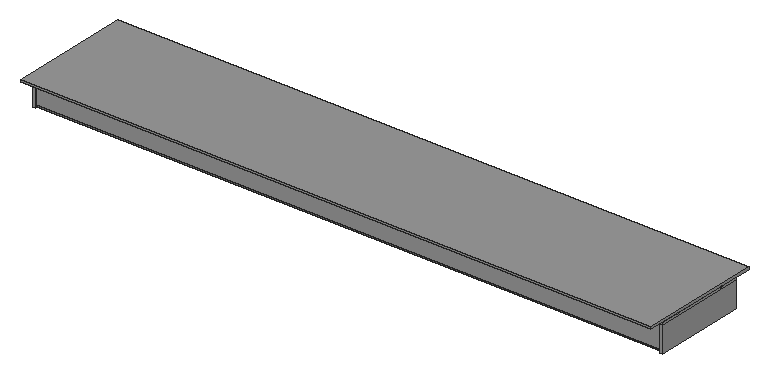
Revit family "Berica 2.2 M", category Lighting Fixtures, Revit 2020 (continued)
Definition of nested family "Light Source Berica 2.2"
  Types (4, lengths in mm): name | Photometric Web File | built-in parameter 1150142
    K 57°x90° | "BERICA 2.2 K 57°x90° [3000K 54W 230Vac].IES" | "IESNA:LM-63-2002\r\n[TEST] 20201109-1027\r\n[TESTLAB] L&L\r\n[TESTDATE] 9 Nov 2020\r\n[ISSUEDATE] 9 Nov 2020\r\n[MANUFAC] L&L\r\n[LUMCAT] BERICA 2.2 K 57°x90° [3000K 54W 230Vac]\r\n[LUMINAIRE] BERICA 2.2 K 57°x90° [3000K 54W 230Vac]\r\n[FLASHAREA] 0.002806\r\n[LAMPCAT] Midpower LED\r\n[LAMP] Midpower LED\r\nTILT=NONE\r\n128 39.44 1.0 181 73 1 2 0.020 0.580 0.000\r\n1.00 1.00 54.00\r\n0.00 1.00 2.00 3.00 4.00 5.00 6.00 7.00 8.00 9.00 10.00 \r\n11.00 12.00 13.00 14.00 15.00 16.00 17.00 18.00 19.00 \r\n20.00 21.00 22.00 23.00 24.00 25.00 26.00 27.00 28.00 \r\n29.00 30.00 31.00 32.00 33.00 34.00 35.00 36.00 37.00 \r\n38.00 39.00 40.00 41.00 42.00 43.00 44.00 45.00 46.00 \r\n47.00 48.00 49.00 50.00 51.00 52.00 53.00 54.00 55.00 \r\n56.00 57.00 58.00 59.00 60.00 61.00 62.00 63.00 64.00 \r\n65.00 66.00 67.00 68.00 69.00 70.00 71.00 72.00 73.00 \r\n74.00 75.00 76.00 77.00 78.00 79.00 80.00 81.00 82.00 \r\n83.00 84.00 85.00 86.00 87.00 88.00 89.00 90.00 91.00 \r\n92.00 93.00 94.00 95.00 96.00 97.00 98.00 99.00 100.00 \r\n101.00 102.00 103.00 104.00 105.00 106.00 107.00 108.00 \r\n109.00 110.00 111.00 112.00 113.00 114.00 115.00 116.00 \r\n117.00 118.00 119.00 120.00 121.00 122.00 123.00 124.00 \r\n125.00 126.00 127.00 128.00 129.00 130.00 131.00 132.00 \r\n133.00 134.00 135.00 136.00 137.00 138.00 139.00 140.00 \r\n141.00 142.00 143.00 144.00 145.00 146.00 147.00 148.00 \r\n149.00 150.00 151.00 152.00 153.00 154.00 155.00 156.00 \r\n157.00 158.00 159.00 160.00 161.00 162.00 163.00 164.00 \r\n165.00 166.00 167.00 168.00 169.00 170.00 171.00 172.00 \r\n173.00 174.00 175.00 176.00 177.00 178.00 179.00 180.00 \r\n0.00 5.00 10.00 15.00 20.00 25.00 30.00 35.00 40.00 45.00 \r\n50.00 55.00 60.00 65.00 70.00 75.00 80.00 85.00 90.00 \r\n95.00 100.00 105.00 110.00 115.00 120.00 125.00 130.00 \r\n135.00 140.00 145.00 150.00 155.00 160.00 165.00 170.00 \r\n175.00 180.00 185.00 190.00 195.00 200.00 205.00 210.00 \r\n215.00 220.00 225.00 230.00 235.00 240.00 245.00 250.00 \r\n255.00 260.00 265.00 270.00 275.00 280.00 285.00 290.00 \r\n295.00 300.00 305.00 310.00 315.00 320.00 325.00 330.00 \r\n335.00 340.00 345.00 350.00 355.00 360.00 \r\n1523.51 1523.19 1522.77 1521.49 1519.62 1517.29 1514.87 \r\n1511.65 1508.05 1503.46 1498.34 1492.92 1486.39 1477.09 \r\n1470.39 1461.43 1451.62 1441.65 1430.34 1419.20 1405.78 \r\n1393.20 1378.66 1362.46 1346.64 1328.29 1308.82 1289.74 \r\n1266.84 1244.95 1223.30 1196.55 1171.40 1142.56 1112.74 \r\n1082.27 1052.18 1020.02 989.56 954.18 922.20 885.89 \r\n853.23 818.00 783.25 749.71 716.58 683.29 652.18 622.21 \r\n589.72 560.44 531.01 504.93 476.91 453.06 428.58 406.90 \r\n384.01 363.68 344.09 325.60 308.17 290.97 274.56 259.50 \r\n245.18 230.72 217.49 204.64 191.84 179.44 167.86 157.07 \r\n145.31 134.53 123.67 113.25 102.68 92.69 82.56 73.56 \r\n63.65 53.93 44.62 35.34 26.13 17.34 10.01 4.34 2.33 4.34 \r\n10.01 17.34 26.13 35.34 44.62 53.93 63.65 73.56 82.56 \r\n92.69 102.68 113.25 123.67 134.53 145.31 157.07 167.86 \r\n179.44 191.84 204.64 217.49 230.72 245.18 259.50 274.56 \r\n290.97 308.17 325.60 344.09 363.68 384.01 406.90 428.58 \r\n453.06 476.91 504.93 531.01 560.44 589.72 622.21 652.18 \r\n683.29 716.58 749.71 783.25 818.00 853.23 885.89 922.20 \r\n954.18 989.56 1020.02 1052.18 1082.27 1112.74 1142.56 \r\n1171.40 1196.55 1223.30 1244.95 1266.84 1289.74 1308.82 \r\n1328.29 1346.64 1362.46 1378.66 1393.20 1405.78 1419.20 \r\n1430.34 1441.65 1451.62 1461.43 1470.39 1477.09 1486.39 \r\n1492.92 1498.34 1503.46 1508.05 1511.65 1514.87 1517.29 \r\n1519.62 1521.49 1522.77 1523.19 1523.51 \r\n1523.51 1523.65 1522.45 1521.49 1520.63 1518.60 1516.48 \r\n1513.22 1509.50 1505.49 1500.59 1494.89 1487.79 1481.10 \r\n1473.12 1464.12 1454.74 1444.08 1433.64 1420.96 1408.77 \r\n1395.01 1380.79 1365.31 1348.97 1330.17 1311.42 1291.31 \r\n1270.40 1246.84 1223.22 1198.06 1171.30 1144.95 1114.68 \r\n1083.76 1053.51 1022.12 989.50 957.86 922.67 890.86 \r\n854.95 821.31 786.60 753.45 721.38 689.78 657.66 627.26 \r\n597.56 568.38 540.24 513.46 487.83 463.02 438.91 417.88 \r\n396.20 375.48 357.24 337.87 320.95 305.41 288.34 274.40 \r\n260.27 246.70 233.44 220.40 208.98 197.32 185.17 174.62 \r\n163.57 152.58 142.59 131.12 121.35 111.29 100.47 90.84 \r\n81.02 71.19 61.07 50.61 41.75 32.61 23.72 17.62 15.46 \r\n17.62 23.72 32.61 41.75 50.61 61.07 71.19 81.02 90.84 \r\n100.47 111.29 121.35 131.12 142.59 152.58 163.57 174.62 \r\n185.17 197.32 208.98 220.40 233.44 246.70 260.27 274.40 \r\n288.34 305.41 320.95 337.87 357.24 375.48 396.20 417.88 \r\n438.91 463.02 487.83 513.46 540.24 568.38 597.56 627.26 \r\n657.66 689.78 721.38 753.45 786.60 821.31 854.95 890.86 \r\n922.67 957.86 989.50 1022.12 1053.51 1083.76 1114.68 \r\n1144.95 1171.30 1198.06 1223.22 1246.84 1270.40 1291.31 \r\n1311.42 1330.17 1348.97 1365.31 1380.79 1395.01 1408.77 \r\n1420.96 1433.64 1444.08 1454.74 1464.12 1473.12 1481.10 \r\n1487.79 1494.89 1500.59 1505.49 1509.50 1513.22 1516.48 \r\n1518.60 1520.63 1521.49 1522.45 1523.65 1523.51 \r\n1523.51 1524.39 1523.99 1522.86 1521.97 1519.66 1517.27 \r\n1514.68 1510.02 1505.43 1500.13 1493.60 1486.98 1478.56 \r\n1469.81 1460.68 1450.36 1439.46 1426.89 1413.71 1399.78 \r\n1384.90 1369.28 1352.04 1334.58 1316.50 1295.42 1273.88 \r\n1252.63 1228.68 1204.39 1177.64 1152.01 1124.12 1093.96 \r\n1062.23 1033.14 1002.27 969.59 938.57 906.15 872.07 \r\n838.76 806.83 773.58 743.06 710.97 681.98 649.93 621.65 \r\n593.77 565.38 539.15 513.02 488.75 465.90 444.25 421.96 \r\n403.69 383.23 365.81 348.18 331.44 315.70 301.70 286.85 \r\n274.64 260.72 248.47 236.15 225.33 214.16 202.52 192.46 \r\n181.74 171.18 160.65 151.48 140.22 130.53 120.43 110.79 \r\n100.80 91.15 81.58 72.03 61.93 53.28 44.64 38.21 36.42 \r\n38.21 44.64 53.28 61.93 72.03 81.58 91.15 100.80 110.79 \r\n120.43 130.53 140.22 151.48 160.65 171.18 181.74 192.46 \r\n202.52 214.16 225.33 236.15 248.47 260.72 274.64 286.85 \r\n301.70 315.70 331.44 348.18 365.81 383.23 403.69 421.96 \r\n444.25 465.90 488.75 513.02 539.15 565.38 593.77 621.65 \r\n649.93 681.98 710.97 743.06 773.58 806.83 838.76 872.07 \r\n906.15 938.57 969.59 1002.27 1033.14 1062.23 1093.96 \r\n1124.12 1152.01 1177.64 1204.39 1228.68 1252.63 1273.88 \r\n1295.42 1316.50 1334.58 1352.04 1369.28 1384.90 1399.78 \r\n1413.71 1426.89 1439.46 1450.36 1460.68 1469.81 1478.56 \r\n1486.98 1493.60 1500.13 1505.43 1510.02 1514.68 1517.27 \r\n1519.66 1521.97 1522.86 1523.99 1524.39 1523.51 \r\n1523.51 1524.79 1524.15 1523.44 1522.00 1520.10 1516.80 \r\n1513.01 1508.62 1502.71 1496.41 1489.44 1481.91 1473.16 \r\n1462.24 1451.18 1439.28 1426.54 1412.80 1398.89 1381.81 \r\n1365.43 1347.64 1329.19 1310.36 1289.05 1266.98 1244.71 \r\n1218.90 1195.89 1169.60 1142.63 1115.28 1085.04 1055.62 \r\n1024.26 994.77 963.00 930.96 899.00 869.34 835.51 805.70 \r\n775.65 744.16 713.38 683.59 656.83 629.80 601.02 576.41 \r\n551.72 526.08 504.67 481.17 461.05 439.75 420.89 402.04 \r\n385.41 367.76 353.32 338.47 323.21 309.33 296.55 284.17 \r\n272.31 260.71 249.07 238.33 227.03 217.46 206.09 197.09 \r\n186.99 176.90 166.93 157.44 148.32 138.44 129.29 120.51 \r\n111.83 102.13 94.12 85.10 76.63 68.34 62.72 60.97 62.72 \r\n68.34 76.63 85.10 94.12 102.13 111.83 120.51 129.29 \r\n138.44 148.32 157.44 166.93 176.90 186.99 197.09 206.09 \r\n217.46 227.03 238.33 249.07 260.71 272.31 284.17 296.55 \r\n309.33 323.21 338.47 353.32 367.76 385.41 402.04 420.89 \r\n439.75 461.05 481.17 504.67 526.08 551.72 576.41 601.02 \r\n629.80 656.83 683.59 713.38 744.16 775.65 805.70 835.51 \r\n869.34 899.00 930.96 963.00 994.77 1024.26 1055.62 \r\n1085.04 1115.28 1142.63 1169.60 1195.89 1218.90 1244.71 \r\n1266.98 1289.05 1310.36 1329.19 1347.64 1365.43 1381.81 \r\n1398.89 1412.80 1426.54 1439.28 1451.18 1462.24 1473.16 \r\n1481.91 1489.44 1496.41 1502.71 1508.62 1513.01 1516.80 \r\n1520.10 1522.00 1523.44 1524.15 1524.79 1523.51 \r\n1523.51 1524.69 1524.58 1523.19 1521.06 1519.03 1515.09 \r\n1510.56 1504.67 1497.82 1490.03 1481.50 1472.49 1461.10 \r\n1449.55 1437.06 1422.62 1406.82 1390.11 1374.31 1356.37 \r\n1336.92 1317.58 1296.13 1273.78 1252.81 1225.38 1200.57 \r\n1174.33 1147.21 1120.12 1092.16 1062.66 1035.49 1003.69 \r\n973.72 943.87 911.77 883.20 851.60 822.15 794.24 762.66 \r\n734.39 708.53 679.43 653.25 627.30 602.58 579.06 556.11 \r\n533.90 512.86 490.66 471.83 453.78 434.76 417.56 399.82 \r\n384.11 369.69 354.81 341.28 328.54 315.15 303.70 290.84 \r\n279.55 269.50 258.03 247.74 237.99 227.23 218.25 209.04 \r\n199.46 190.59 181.10 172.97 164.11 155.46 147.27 139.58 \r\n131.69 123.98 115.19 107.60 100.32 93.42 88.84 87.05 \r\n88.84 93.42 100.32 107.60 115.19 123.98 131.69 139.58 \r\n147.27 155.46 164.11 172.97 181.10 190.59 199.46 209.04 \r\n218.25 227.23 237.99 247.74 258.03 269.50 279.55 290.84 \r\n303.70 315.15 328.54 341.28 354.81 369.69 384.11 399.82 \r\n417.56 434.76 453.78 471.83 490.66 512.86 533.90 556.11 \r\n579.06 602.58 627.30 653.25 679.43 708.53 734.39 762.66 \r\n794.24 822.15 851.60 883.20 911.77 943.87 973.72 1003.69 \r\n1035.49 1062.66 1092.16 1120.12 1147.21 1174.33 1200.57 \r\n1225.38 1252.81 1273.78 1296.13 1317.58 1336.92 1356.37 \r\n1374.31 1390.11 1406.82 1422.62 1437.06 1449.55 1461.10 \r\n1472.49 1481.50 1490.03 1497.82 1504.67 1510.56 1515.09 \r\n1519.03 1521.06 1523.19 1524.58 1524.69 1523.51 \r\n1523.51 1525.36 1524.74 1523.34 1521.24 1517.65 1513.51 \r\n1507.81 1500.48 1492.20 1482.88 1472.75 1460.24 1448.88 \r\n1433.31 1418.70 1402.23 1384.56 1364.91 1345.52 1325.50 \r\n1303.37 1280.15 1255.53 1231.50 1205.84 1180.73 1151.86 \r\n1124.84 1096.17 1069.38 1038.63 1013.33 982.13 953.53 \r\n923.20 893.22 865.63 835.16 807.22 779.76 753.46 726.12 \r\n701.79 673.67 651.92 625.73 604.04 581.42 559.37 538.92 \r\n519.21 499.97 481.90 465.18 446.24 430.81 414.15 400.17 \r\n383.98 370.83 356.90 344.19 331.60 320.26 308.94 297.65 \r\n287.12 276.01 266.09 256.17 247.26 237.88 229.74 220.66 \r\n212.53 204.55 197.81 189.24 182.70 175.16 168.10 161.67 \r\n153.85 146.86 140.03 132.93 126.26 120.80 116.67 115.58 \r\n116.67 120.80 126.26 132.93 140.03 146.86 153.85 161.67 \r\n168.10 175.16 182.70 189.24 197.81 204.55 212.53 220.66 \r\n229.74 237.88 247.26 256.17 266.09 276.01 287.12 297.65 \r\n308.94 320.26 331.60 344.19 356.90 370.83 383.98 400.17 \r\n414.15 430.81 446.24 465.18 481.90 499.97 519.21 538.92 \r\n559.37 581.42 604.04 625.73 651.92 673.67 701.79 726.12 \r\n753.46 779.76 807.22 835.16 865.63 893.22 923.20 953.53 \r\n982.13 1013.33 1038.63 1069.38 1096.17 1124.84 1151.86 \r\n1180.73 1205.84 1231.50 1255.53 1280.15 1303.37 1325.50 \r\n1345.52 1364.91 1384.56 1402.23 1418.70 1433.31 1448.88 \r\n1460.24 1472.75 1482.88 1492.20 1500.48 1507.81 1513.51 \r\n1517.65 1521.24 1523.34 1524.74 1525.36 1523.51 \r\n1523.51 1524.37 1524.34 1522.34 1519.68 1515.39 1509.44 \r\n1502.25 1494.39 1484.31 1472.52 1460.62 1445.48 1430.75 \r\n1413.39 1395.52 1376.59 1356.64 1334.74 1311.54 1288.34 \r\n1262.39 1238.98 1211.81 1186.23 1158.39 1131.95 1103.64 \r\n1074.88 1046.72 1019.41 990.62 962.55 934.17 906.31 \r\n877.82 850.79 823.33 795.98 770.46 744.11 721.63 696.96 \r\n672.62 649.76 627.07 606.95 585.99 565.38 546.61 528.18 \r\n509.92 492.76 475.27 459.13 443.91 428.61 414.61 399.53 \r\n386.62 373.70 360.59 348.02 336.55 325.45 315.05 304.39 \r\n294.53 284.60 275.58 266.69 258.65 249.79 242.82 235.82 \r\n228.85 222.57 215.94 208.92 203.20 196.53 190.02 183.56 \r\n176.95 171.48 165.23 158.79 153.39 148.34 144.52 143.91 \r\n144.52 148.34 153.39 158.79 165.23 171.48 176.95 183.56 \r\n190.02 196.53 203.20 208.92 215.94 222.57 228.85 235.82 \r\n242.82 249.79 258.65 266.69 275.58 284.60 294.53 304.39 \r\n315.05 325.45 336.55 348.02 360.59 373.70 386.62 399.53 \r\n414.61 428.61 443.91 459.13 475.27 492.76 509.92 528.18 \r\n546.61 565.38 585.99 606.95 627.07 649.76 672.62 696.96 \r\n721.63 744.11 770.46 795.98 823.33 850.79 877.82 906.31 \r\n934.17 962.55 990.62 1019.41 1046.72 1074.88 1103.64 \r\n1131.95 1158.39 1186.23 1211.81 1238.98 1262.39 1288.34 \r\n1311.54 1334.74 1356.64 1376.59 1395.52 1413.39 1430.75 \r\n1445.48 1460.62 1472.52 1484.31 1494.39 1502.25 1509.44 \r\n1515.39 1519.68 1522.34 1524.34 1524.37 1523.51 \r\n1523.51 1525.22 1525.27 1522.61 1518.77 1513.12 1506.53 \r\n1498.51 1488.14 1475.93 1462.57 1447.32 1431.23 1413.46 \r\n1393.12 1371.87 1350.62 1325.91 1301.85 1277.10 1250.99 \r\n1225.15 1197.26 1172.08 1142.42 1115.85 1089.04 1058.62 \r\n1031.24 1003.25 976.98 950.14 923.45 896.03 869.81 843.34 \r\n818.54 791.15 767.14 744.73 721.11 698.51 675.61 654.28 \r\n634.74 613.07 593.92 575.64 556.53 540.74 521.62 506.54 \r\n490.10 474.62 458.79 445.00 430.40 417.56 404.75 390.85 \r\n378.57 365.97 356.03 344.16 334.14 324.02 314.46 305.85 \r\n297.03 289.03 280.78 274.11 267.10 261.65 254.52 249.44 \r\n243.03 237.41 231.70 225.26 219.53 213.83 208.87 203.11 \r\n197.44 191.53 186.95 181.05 177.51 173.93 172.40 173.93 \r\n177.51 181.05 186.95 191.53 197.44 203.11 208.87 213.83 \r\n219.53 225.26 231.70 237.41 243.03 249.44 254.52 261.65 \r\n267.10 274.11 280.78 289.03 297.03 305.85 314.46 324.02 \r\n334.14 344.16 356.03 365.97 378.57 390.85 404.75 417.56 \r\n430.40 445.00 458.79 474.62 490.10 506.54 521.62 540.74 \r\n556.53 575.64 593.92 613.07 634.74 654.28 675.61 698.51 \r\n721.11 744.73 767.14 791.15 818.54 843.34 869.81 896.03 \r\n923.45 950.14 976.98 1003.25 1031.24 1058.62 1089.04 \r\n1115.85 1142.42 1172.08 1197.26 1225.15 1250.99 1277.10 \r\n1301.85 1325.91 1350.62 1371.87 1393.12 1413.46 1431.23 \r\n1447.32 1462.57 1475.93 1488.14 1498.51 1506.53 1513.12 \r\n1518.77 1522.61 1525.27 1525.22 1523.51 \r\n1523.51 1524.82 1524.05 1521.49 1517.15 1510.19 1502.30 \r\n1491.45 1480.13 1466.16 1449.43 1432.97 1413.72 1392.66 \r\n1370.76 1347.39 1322.46 1295.09 1269.38 1243.08 1213.15 \r\n1185.61 1160.98 1131.70 1104.07 1076.67 1046.84 1022.00 \r\n992.26 965.64 942.50 916.41 891.71 865.47 841.56 817.67 \r\n793.25 770.57 748.26 725.16 704.65 682.62 663.16 642.89 \r\n624.25 605.06 588.90 569.69 553.91 537.13 521.61 506.58 \r\n490.57 476.25 462.87 449.51 436.07 422.91 410.33 399.52 \r\n387.99 376.83 365.50 355.92 346.18 337.62 328.19 320.29 \r\n312.85 305.82 299.68 292.77 287.66 281.86 276.41 271.05 \r\n266.16 259.85 255.38 249.69 244.75 239.43 234.57 229.19 \r\n224.08 219.42 214.15 210.45 206.12 202.85 201.08 202.85 \r\n206.12 210.45 214.15 219.42 224.08 229.19 234.57 239.43 \r\n244.75 249.69 255.38 259.85 266.16 271.05 276.41 281.86 \r\n287.66 292.77 299.68 305.82 312.85 320.29 328.19 337.62 \r\n346.18 355.92 365.50 376.83 387.99 399.52 410.33 422.91 \r\n436.07 449.51 462.87 476.25 490.57 506.58 521.61 537.13 \r\n553.91 569.69 588.90 605.06 624.25 642.89 663.16 682.62 \r\n704.65 725.16 748.26 770.57 793.25 817.67 841.56 865.47 \r\n891.71 916.41 942.50 965.64 992.26 1022.00 1046.84 \r\n1076.67 1104.07 1131.70 1160.98 1185.61 1213.15 1243.08 \r\n1269.38 1295.09 1322.46 1347.39 1370.76 1392.66 1413.72 \r\n1432.97 1449.43 1466.16 1480.13 1491.45 1502.30 1510.19 \r\n1517.15 1521.49 1524.05 1524.82 1523.51 \r\n1523.51 1525.21 1524.21 1521.01 1515.01 1508.22 1497.67 \r\n1485.79 1472.72 1455.78 1437.16 1418.42 1396.14 1374.85 \r\n1346.26 1321.50 1293.73 1265.93 1239.14 1210.03 1181.54 \r\n1154.09 1126.96 1097.10 1071.27 1041.95 1017.35 989.14 \r\n963.84 937.89 914.39 891.01 868.32 842.90 821.65 799.72 \r\n776.35 755.12 733.62 715.08 694.31 674.89 655.72 637.45 \r\n619.12 602.80 584.99 569.70 553.04 538.01 523.66 509.35 \r\n496.16 481.55 468.83 455.74 443.86 432.37 421.15 410.51 \r\n399.59 389.86 380.07 371.57 362.01 353.53 346.46 339.37 \r\n332.93 326.83 321.10 315.98 310.41 305.06 299.95 295.12 \r\n290.56 285.67 280.56 275.82 270.82 265.89 261.11 256.76 \r\n252.24 247.50 242.68 238.61 234.76 231.89 230.88 231.89 \r\n234.76 238.61 242.68 247.50 252.24 256.76 261.11 265.89 \r\n270.82 275.82 280.56 285.67 290.56 295.12 299.95 305.06 \r\n310.41 315.98 321.10 326.83 332.93 339.37 346.46 353.53 \r\n362.01 371.57 380.07 389.86 399.59 410.51 421.15 432.37 \r\n443.86 455.74 468.83 481.55 496.16 509.35 523.66 538.01 \r\n553.04 569.70 584.99 602.80 619.12 637.45 655.72 674.89 \r\n694.31 715.08 733.62 755.12 776.35 799.72 821.65 842.90 \r\n868.32 891.01 914.39 937.89 963.84 989.14 1017.35 1041.95 \r\n1071.27 1097.10 1126.96 1154.09 1181.54 1210.03 1239.14 \r\n1265.93 1293.73 1321.50 1346.26 1374.85 1396.14 1418.42 \r\n1437.16 1455.78 1472.72 1485.79 1497.67 1508.22 1515.01 \r\n1521.01 1524.21 1525.21 1523.51 \r\n1523.51 1525.27 1523.86 1519.62 1513.08 1504.09 1493.09 \r\n1479.
